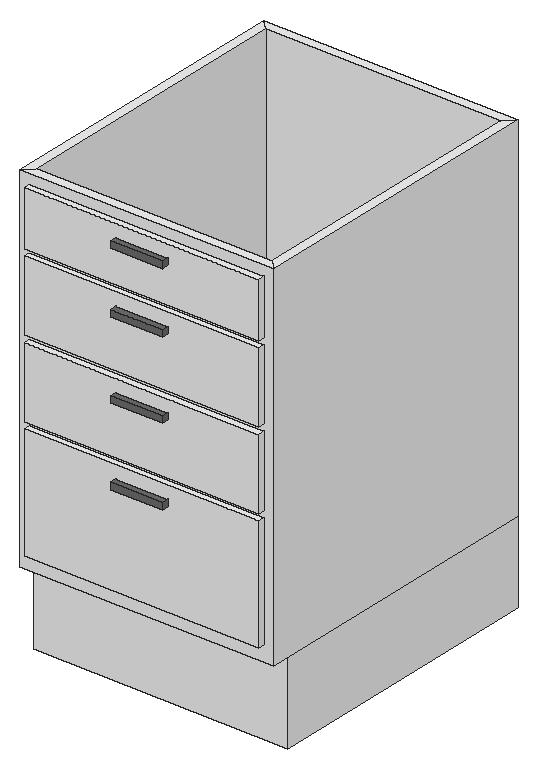
Revit family
Parameters (values of type "500mm")
  Cabinet Material = none
  Depth = 600 mm
  Door/Drawer Material = none
  Handle Material = Cabinets - Handles
  Height = 860 mm
  Plinth Depth = 35 mm
  Plinth Height = 160 mm
  Width = 500 mm
Types (3, lengths in mm): name | Width
  (no name) | 500
  300mm | 300
  500mm | 500
Reference planes
  plane 1 "Back": y = 0
  plane 2: z = 0
  plane 3 "Center": x = 18.738
  plane 4 "Left": x = -231.262
  plane 5 "Right": x = 268.738
  plane 6 "Front": y = -600
  plane 7 "Top": z = 860
  plane 8: y = -565
  plane 9: z = 160
  plane 10: z = 840.95
  plane 11: z = 179.05
  plane 12: x = -212.212
  plane 13: x = 249.688
  plane 14: z = 720.3
  plane 15: x = -32.062
  plane 16: x = 69.538
  plane 17: z = 815.55
  plane 18: z = 802.85
  plane 19: z = 567.9
  plane 20: z = 415.5
  plane 21: z = 694.9
  plane 22: z = 682.2
  plane 23: z = 542.5
  plane 24: z = 529.8
  plane 25: z = 390.1
  plane 26: z = 377.4
Forms (mm)
  Extrusion 1, solid, material <- "Cabinet Material"
    sketch origin (0, 0, 0) x (1, 0, 0) y (0, 1, 0)
      loop
        line (-231.262, 0) -> (-231.262, -565) -> (268.738, -565) -> (268.738, 0) -> (-231.262, 0)
    from 0 to 160
  Sweep 2, solid, material <- "Cabinet Material"
    path origin (0, 0, 0) x (1, 0, 0) y (0, 1, 0)
      loop
        line (268.738, 0) -> (-231.262, 0) -> (-231.262, -600) -> (268.738, -600) -> (268.738, 0)
    profile origin (0, -300, 0) x (1, 0, 0) y (0, 0, 1)
      loop
        line (268.738, 160) -> (268.738, 860) -> (249.688, 860) -> (249.688, 160) -> (268.738, 160)
  Extrusion 3, solid, material <- "Cabinet Material"
    sketch origin (0, 0, 0) x (1, 0, 0) y (0, 1, 0)
      loop
        line (-212.212, -19.05) -> (-212.212, -580.95) -> (249.688, -580.95) -> (249.688, -19.05) -> (-212.212, -19.05)
    from 179.05 to 160
  Extrusion 4, solid, material <- "Door/Drawer Material"
    sketch origin (0, -600, 0) x (1, 0, 0) y (0, 0, 1)
      loop
        line (-212.212, 840.95) -> (-212.212, 733) -> (249.688, 733) -> (249.688, 840.95) -> (-212.212, 840.95)
      loop
        line (-212.212, 720.3) -> (-212.212, 580.6) -> (249.688, 580.6) -> (249.688, 720.3) -> (-212.212, 720.3)
      loop
        line (-212.212, 567.9) -> (-212.212, 428.2) -> (249.688, 428.2) -> (249.688, 567.9) -> (-212.212, 567.9)
      loop
        line (-212.212, 415.5) -> (-212.212, 191.75) -> (249.688, 191.75) -> (249.688, 415.5) -> (-212.212, 415.5)
    from 0 to 12.7
  Extrusion 5, solid, material "Cabinets - Handles" <- "Handle Material"
    sketch origin (0, -600, 0) x (1, 0, 0) y (0, 0, 1)
      loop
        line (-32.062, 815.55) -> (-32.062, 802.85) -> (69.538, 802.85) -> (69.538, 815.55) -> (-32.062, 815.55)
      loop
        line (-32.062, 694.9) -> (-32.062, 682.2) -> (69.538, 682.2) -> (69.538, 694.9) -> (-32.062, 694.9)
      loop
        line (-32.062, 542.5) -> (-32.062, 529.8) -> (69.538, 529.8) -> (69.538, 542.5) -> (-32.062, 542.5)
      loop
        line (-32.062, 390.1) -> (-32.062, 377.4) -> (69.538, 377.4) -> (69.538, 390.1) -> (-32.062, 390.1)
    from 12.7 to 25.4
Lines and regions (mm)
  symbolic lines, style "Plan Rep - Below"
    curve 1: line (268.738, -600, 0) -> (-231.262, -600, 0)
    curve 2: line (268.738, 0, 0) -> (268.738, -600, 0)
    curve 3: line (-231.262, 0, 0) -> (268.738, 0, 0)
    curve 4: line (-231.262, -600, 0) -> (-231.262, 0, 0)
  model lines
    curve 5: line (249.688, -600, 720.3) -> (-212.212, -600, 720.3)
    curve 6: line (-212.212, -600, 840.95) -> (249.688, -600, 840.95)
    curve 7: line (249.688, -600, 179.05) -> (-212.212, -600, 179.05)
    curve 8: line (249.688, -600, 840.95) -> (249.688, -600, 179.05)
    curve 9: line (-212.212, -600, 179.05) -> (-212.212, -600, 840.95)
    curve 10: line (-32.062, -600, 815.55) -> (69.538, -600, 815.55)
    curve 11: line (-32.062, -600, 802.85) -> (-32.062, -600, 815.55)
    curve 12: line (69.538, -600, 802.85) -> (-32.062, -600, 802.85)
    curve 13: line (69.538, -600, 815.55) -> (69.538, -600, 802.85)
    curve 14: line (-212.212, -600, 567.9) -> (249.688, -600, 567.9)
    curve 15: line (-32.062, -600, 694.9) -> (69.538, -600, 694.9)
    curve 16: line (-32.062, -600, 682.2) -> (-32.062, -600, 694.9)
    curve 17: line (69.538, -600, 682.2) -> (-32.062, -600, 682.2)
    curve 18: line (69.538, -600, 694.9) -> (69.538, -600, 682.2)
    curve 19: line (69.538, -600, 542.5) -> (-32.062, -600, 542.5)
    curve 20: line (69.538, -600, 529.8) -> (69.538, -600, 542.5)
    curve 21: line (-32.062, -600, 529.8) -> (69.538, -600, 529.8)
    curve 22: line (-32.062, -600, 542.5) -> (-32.062, -600, 529.8)
    curve 23: line (-212.212, -600, 415.5) -> (249.688, -600, 415.5)
    curve 24: line (69.538, -600, 390.1) -> (-32.062, -600, 390.1)
    curve 25: line (69.538, -600, 377.4) -> (69.538, -600, 390.1)
    curve 26: line (-32.062, -600, 377.4) -> (69.538, -600, 377.4)
    curve 27: line (-32.062, -600, 390.1) -> (-32.062, -600, 377.4)
Dimensions and locks
  "Depth": plane 6 "Front" to plane 1 "Back"
  "Width": plane 4 "Left" to plane 5 "Right"
  equal spacing: plane 4 "Left", plane 3 "Center", plane 5 "Right"
  "Height": level to plane 7 "Top"
  "Plinth Height": plane 2 to plane 9
  "Plinth Depth": plane 6 "Front" to plane 8
  locked: plane 4 "Left" to plane 12 at 19.05
  locked: plane 13 to plane 5 "Right" at 19.05
  locked: plane 7 "Top" to plane 10 at 19.05
  locked: plane 11 to plane 9 at 19.05
  plane 15 to plane 3 "Center" to plane 16 = 50.8 mm locked, 50.8 mm locked
  plane 10 to plane 17 to plane 18 = 25.4 mm locked, 12.7 mm locked
  plane 14 to plane 21 to plane 22 = 25.4 mm locked, 12.7 mm locked
  plane 19 to plane 23 to plane 24 = 25.4 mm locked, 12.7 mm locked
  plane 20 to plane 25 to plane 26 = 25.4 mm locked, 12.7 mm locked
  locked: plane 10 to plane 14 at 120.65
  locked: plane 14 to plane 19 at 152.4
  locked: plane 19 to plane 20 at 152.4
  aligned and locked: plane 1 "Back" to Extrusion 1 sketch curve
  aligned and locked: Extrusion 1 sketch curve to plane 5 "Right"
  aligned and locked: Extrusion 1 sketch curve to plane 8
  aligned and locked: plane 4 "Left" to Extrusion 1 sketch curve
  aligned and locked: Extrusion 1 to level
  aligned and locked: Sweep 2 sketch curve to plane 6 "Front"
  aligned and locked: plane 1 "Back" to Sweep 2 sketch curve
  aligned and locked: Sweep 2 sketch curve to plane 5 "Right"  (x2)
  aligned and locked: plane 4 "Left" to Sweep 2 sketch curve
  aligned and locked: plane 7 "Top" to Sweep 2 sketch curve
  aligned and locked: plane 9 to Sweep 2 sketch curve
  aligned and locked: Sweep 2 to Extrusion 3 sketch curve  (x2)
  aligned and locked: Extrusion 3 sketch curve to Sweep 2  (x2)
  aligned and locked: plane 11 to Extrusion 3
  aligned and locked: Extrusion 3 to plane 9
  aligned and locked: plane 9 to Extrusion 1
Automatic sketch dimensions
  profile plane to Sweep 2 sketch curve = 19.05 mm
  curve 1 to plane 4 "Left" = 0 mm
  curve 3 to plane 1 "Back" = 0 mm
  curve 3 to plane 5 "Right" = 0 mm
  curve 1 to plane 6 "Front" = 0 mm
  curve 8 to plane 10 = 0 mm
  curve 8 to plane 13 = 0 mm
  curve 24 to plane 16 = 0 mm
  curve 10 to plane 16 = 0 mm
  curve 20 to plane 16 = 0 mm
  curve 15 to plane 16 = 0 mm
  curve 11 to plane 15 = 0 mm
  curve 15 to plane 15 = 0 mm
  curve 19 to plane 15 = 0 mm
  curve 24 to plane 15 = 0 mm
  curve 14 to plane 12 = 0 mm
  curve 13 to plane 17 = 0 mm
  curve 13 to plane 18 = 0 mm
  curve 5 to plane 14 = 0 mm
  curve 16 to plane 21 = 0 mm
  curve 16 to plane 22 = 0 mm
  curve 14 to plane 19 = 0 mm
  curve 22 to plane 23 = 0 mm
  curve 20 to plane 24 = 0 mm
  curve 23 to plane 20 = 0 mm
  curve 24 to plane 25 = 0 mm
  curve 25 to plane 26 = 0 mm
  curve 7 to plane 11 = 0 mm
  Extrusion 4 sketch curve to plane 12 = 0 mm  (x4)
  Extrusion 4 sketch curve to plane 10 = 0 mm
  Extrusion 4 sketch curve to plane 13 = 0 mm  (x4)
  Extrusion 4 sketch curve to plane 20 = 0 mm
  Extrusion 4 sketch curve to plane 19 = 0 mm
  Extrusion 4 sketch curve to plane 14 = 0 mm
  Extrusion 4 sketch curve to plane 11 = 12.7 mm
  Extrusion 4 sketch curve to Extrusion 4 sketch curve = 12.7 mm  (x3)
  Extrusion 5 sketch curve to plane 15 = 0 mm  (x4)
  Extrusion 5 sketch curve to plane 16 = 0 mm  (x4)
  Extrusion 5 sketch curve to plane 26 = 0 mm
  Extrusion 5 sketch curve to plane 25 = 0 mm
  Extrusion 5 sketch curve to plane 24 = 0 mm
  Extrusion 5 sketch curve to plane 23 = 0 mm
  Extrusion 5 sketch curve to plane 22 = 0 mm
  Extrusion 5 sketch curve to plane 21 = 0 mm
  Extrusion 5 sketch curve to plane 18 = 0 mm
  Extrusion 5 sketch curve to plane 17 = 0 mm
